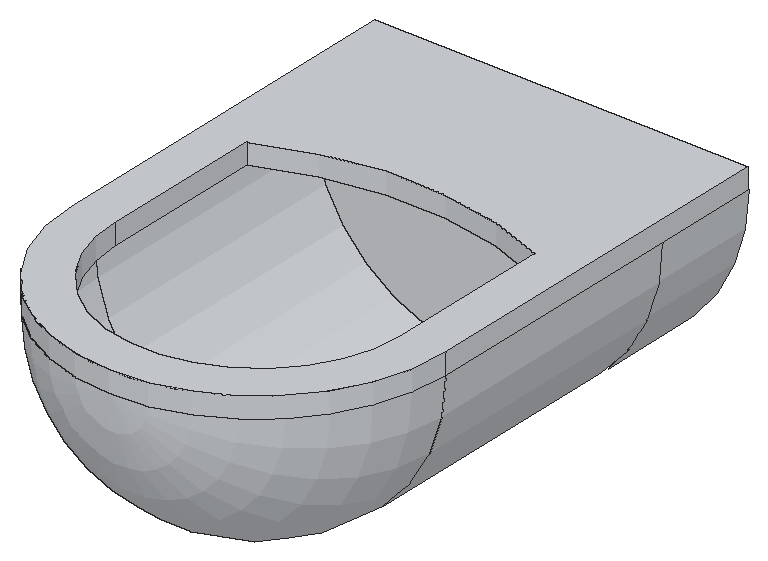
Revit family
Parameters (values of type "530 x 350mm")
  Material = none
  Manufacturer = "Revit"
  Assembly Code = "D2010110"
Reference planes
  plane 1 "Center (Front/Back)": y = 0
  plane 2: z = 0
  plane 3 "Center (Left/Right)": x = 0
  plane 4: y = -244.9
Forms (mm)
  Extrusion 1, solid, material <- "Material"
    sketch origin (0, 0, 307.334) x (1, 0, 0) y (0, 1, 0)
      loop
        line (-175, 0) -> (-175, -355)
        arc (-175, -355) -> (0, -530) -> (175, -355) r 175
        line (175, -355) -> (175, 0) -> (-175, 0)
      loop
        arc (135, -200) -> (0, -170.177) -> (-135, -200) r 320.46
        line (-135, -200) -> (-135, -355)
        arc (-135, -355) -> (0, -490) -> (135, -355) r 135
        line (135, -355) -> (135, -200)
    from -20 to 0
  Blend 2, solid, material <- "Material"
    base sketch origin (0, -124.9, 287.334) x (0, 0, -1) y (-1, 0, 0)
      loop
        line (0, 175) -> (0, -175)
        arc (0, -175) -> (175, 0) -> (0, 175) r 175
    top sketch origin (0, -124.9, 287.334) x (0, 0, -1) y (-1, 0, 0)
      loop
        line (0, 174.95) -> (0, -175.05)
        arc (0, -175.05) -> (175, -0.05) -> (0, 174.95) r 175
    from 24.9 to 124.9
  Revolve 3, solid, material <- "Material"
    sketch origin (0, 0, 287.334) x (1, 0, 0) y (0, 1, 0)
      loop
        line (-175, -100) -> (-175, -355)
        arc (-175, -355) -> (-123.744, -478.744) -> (0, -530) r 175
        line (0, -530) -> (0, -510)
        arc (0, -510) -> (-109.602, -464.602) -> (-155, -355) r 155
        line (-155, -355) -> (-155, -100) -> (-175, -100)
      axis (0, -530) -> (0, -100)
    angle from 0 to 180
Lines and regions (mm)
  symbolic lines
    curve 1: line (175.05, 0, 0) -> (-174.95, 0, 0)
    curve 2: line (-174.95, 0, 0) -> (-174.95, -355, 0)
    curve 3: arc (-174.95, -355, 0) -> (0.05, -530, 0) -> (175.05, -355, 0) r 175
    curve 4: line (175.05, -355, 0) -> (175.05, 0, 0)
    curve 9: arc (135.05, -200, 0) -> (0.05, -170.177, 0) -> (-134.95, -200, 0) r 320.46
    curve 10: line (-134.95, -200, 0) -> (-134.95, -355, 0)
    curve 11: arc (-134.95, -355, 0) -> (0.05, -490, 0) -> (135.05, -355, 0) r 135
    curve 12: line (135.05, -355, 0) -> (135.05, -200, 0)
  symbolic lines, detail levels medium+fine
    curve 5: arc (-94.95, -125, 0) -> (-84.95, -135, 0) -> (-74.95, -125, 0) r 10
    curve 6: arc (-74.95, -125, 0) -> (-84.95, -115, 0) -> (-94.95, -125, 0) r 10
    curve 7: arc (75.05, -125, 0) -> (85.05, -135, 0) -> (95.05, -125, 0) r 10
    curve 8: arc (95.05, -125, 0) -> (85.05, -115, 0) -> (75.05, -125, 0) r 10
    curve 13: arc (45.05, -254.425, 0) -> (0.05, -239.703, 0) -> (-44.95, -254.425, 0) r 76.135
    curve 14: line (-44.95, -254.425, 0) -> (-44.95, -295.177, 0)
    curve 15: arc (-44.95, -295.177, 0) -> (0.05, -340.177, 0) -> (45.05, -295.177, 0) r 45
    curve 16: line (45.05, -295.177, 0) -> (45.05, -254.425, 0)
